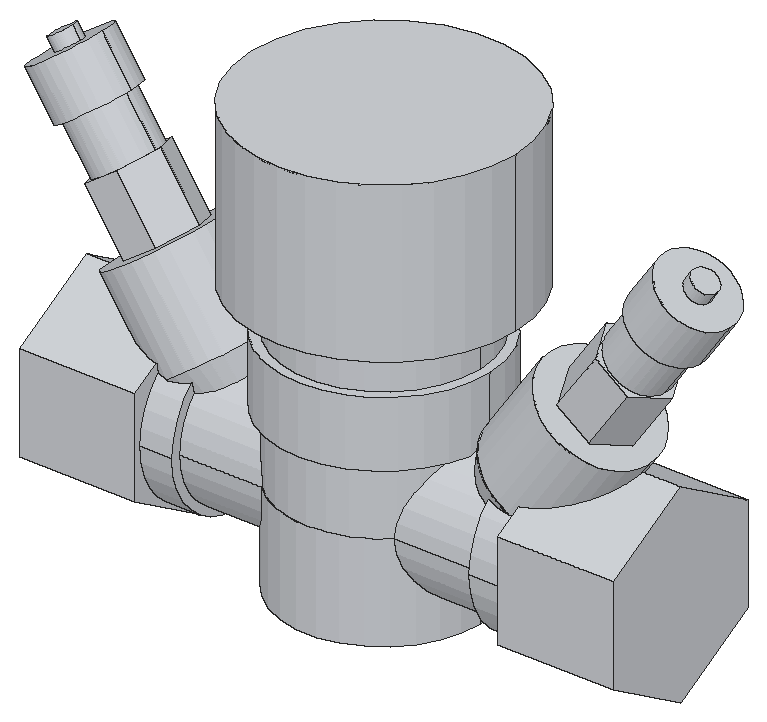
Revit family "D9525-DN20-RFA2019", category Pipe Accessories, Revit 2019
Family settings
  Round Connector Dimension = Use Diameter
  Part Type = Valve - Breaks Into
  Work Plane-Based = No
  Always vertical = Yes
  Cut with Voids When Loaded = No
  Shared = No
Parameters (values of type "9525 DN20")
  magiProductId = "da587af331304b45b3ec03b8fa0f34"
  magiProductFamilyId = "ec630ab62332464eb6277f46734e39"
  magiPartTypeId = 304
  isMeasuringValve [instance] = no
  ang2D [instance] = 0.00°
  ZZ = 11.213 mm
  ZN = 2 mm
  ZB1 = 12.667 mm
  ZB = 14.667 mm
  Z11 = 7 mm
  Z1 = 10 mm
  X0 = 18 mm
  W2D = 20 mm
  VersionID = "2.0/2019.5.23.1/VIR_9525_201"
  VIS0 = no
  V22 = 15.7 mm
  V2 = 17.8 mm
  V = 40 mm
  Use Minimum Symbol Size [instance] = no
  URL = "www.hydronix.cz"
  Type Comments = "závitový; PN10 (-10~+120°C) nebo PN20 (-10~+80°C)"
  RT = 2 mm
  RN = 14.667 mm
  R9 = 5 mm
  R8 = 6 mm
  R3 = 12 mm
  R2 = 10.667 mm
  R11 = 4.5 mm
  R1 = 9 mm
  R = 10 mm
  QmdConnectorList = "301;D;302;D"
  Productdata [instance] = ""
  Manufacturer = "Hydronix"
  MC Product Code = "9525 020 (D9525 DN20; kvs=3,47)"
  MC Piping Given Pressure Drop [instance] = 0.0 Pa
  MC Enable LOD 350 = no
  MC Enable LOD 200 = no
  MC Constant Outlet Pressure [instance] = 0.0 Pa
  L_2 = 45 mm
  LLDONLY = not(BBVIS)  # yes
  LLDAndHLD = and(or(LLDONLY, MC Enable LOD 350), not(BBVIS))  # yes
  LC = 9.8 mm
  L3 = 22.5 mm
  L2__ve = -L2  # -5 mm
  L2D_Min = 30.48 mm
  L2D = 90 mm
  L2 = 5 mm
  L1__ve = -L1  # -17.5 mm
  L1 = 17.5 mm
  L = 90 mm
  I4 = 29.585 mm
  I3 = 47.585 mm
  I2 = 52.5 mm
  I = 105 mm
  HBTR = 7.737 mm
  HBT3 = 7.737 mm
  HBT2 = 10.316 mm
  HBT11 = 14.577 mm
  HBT1 = 25.79 mm
  HBT = 51.58 mm
  HB = 51 mm
  ENBL350 = and(MC Enable LOD 350, not(BBVIS))  # no
  Description = "Ruční vyvažovací a 2-cestný regulační ventil závitový; bronzový; DN20; kvs3,47"
  DB11 = 27.813 mm
  DB1 = 32.205 mm
  DB = 29.277 mm
  D = 20 mm
  CenSd_RN_6 = RN * cos(30.00°)  # 12.702 mm
  CenSd_R8_6 = R8 * cos(30.00°)  # 5.196 mm
  CAT0 = yes
  CAT = no
  BBVIS = MC Enable LOD 200  # no
Types (4, lengths in mm): name | magiProductId | ZZ | ZB1 | ZB | Z11 | Z1 | W2D | RN | R3 | R2 | R | MC Product Code | L_2 | L2D | L | I4 | I3 | I2 | I | HBTR | HBT3 | HBT2 | HBT11 | HBT1 | HBT | HB | Description | DB11 | DB1 | DB | D | CenSd_RN_6
  9525 DN15 NF | "38bc2a49e75f44a19550cf5c31e8d8" | 10.076 | 9 | 11 | 7 | 10 | 15 | 11 | 9 | 8 | 7.5 | "9525 015 (D9525 DN15NF; kvs=1,83)" | 41.5 | 83 | 83 | 26.585 | 44.585 | 49.5 | 99 | 6.952 | 6.952 | 9.27 | 13.099 | 23.175 | 46.35 | 51 | "Ruční vyvažovací a 2-cestný regulační ventil závitový; bronzový; DN15NF; kvs1,83" | 25.65 | 29.7 | 27 | 15 | 9.526
  9525 DN15 LF | "0f0d3c44fff84d33bcc3edb98b3d66" | 10.076 | 9 | 11 | 7 | 10 | 15 | 11 | 9 | 8 | 7.5 | "9525 014 (D9525 DN15LF; kvs=0,86)" | 41.5 | 83 | 83 | 26.585 | 44.585 | 49.5 | 99 | 6.952 | 6.952 | 9.27 | 13.099 | 23.175 | 46.35 | 51 | "Ruční vyvažovací a 2-cestný regulační ventil závitový; bronzový; DN15LF; kvs0,86" | 25.65 | 29.7 | 27 | 15 | 9.526
  9525 DN20 | "da587af331304b45b3ec03b8fa0f34" | 11.213 | 12.667 | 14.667 | 7 | 10 | 20 | 14.667 | 12 | 10.667 | 10 | "9525 020 (D9525 DN20; kvs=3,47)" | 45 | 90 | 90 | 29.585 | 47.585 | 52.5 | 105 | 7.737 | 7.737 | 10.316 | 14.577 | 25.79 | 51.58 | 51 | "Ruční vyvažovací a 2-cestný regulační ventil závitový; bronzový; DN20; kvs3,47" | 27.813 | 32.205 | 29.277 | 20 | 12.702
  9525 DN25 | "1f5bab54bc3c45cdac322ce9a95cfe" | 11.971 | 16.333 | 18.333 | 9.745 | 13.922 | 25 | 18.333 | 15 | 13.333 | 12.5 | "9525 025 (D9525 DN25; kvs=6,30)" | 49 | 98 | 98 | 31.585 | 49.585 | 54.5 | 109 | 8.26 | 8.26 | 11.013 | 15.562 | 27.533 | 55.067 | 71 | "Ruční vyvažovací a 2-cestný regulační ventil závitový; bronzový; DN25; kvs6,30" | 30.286 | 35.067 | 31.88 | 25 | 15.877
Reference planes
  plane 1 "Center (Front/Back)": y = 0
  plane 2 "XYPLANE": z = 0
  plane 3 "Center (Left/Right)": x = 0
  plane 4 "506": x = -2.2
  plane 5 "476": through (-589.932, 0, 439.368) normal (0.5736, 0, 0.8192)
  plane 6 "473": through (-638.796, 0, -420.997) normal (-0.5736, 0, 0.8192)
  plane 7 "470": z = -12.667
  plane 8 "442": x = 52.5
  plane 9 "441": x = -52.5
  plane 10 "440": y = 20
  plane 11 "439": y = -20
  plane 12 "438": z = -14.667
  plane 13 "436": through (-566.779, 0, 472.434) normal (0.5736, 0, 0.8192)
  plane 14 "435": through (-571.217, 0, 466.096) normal (0.5736, 0, 0.8192)
  plane 15 "434": through (-575.654, 0, 459.759) normal (0.5736, 0, 0.8192)
  plane 16 "433": through (-581.571, 0, 451.308) normal (0.5736, 0, 0.8192)
  plane 17 "422": through (-661.949, 0, -387.93) normal (-0.5736, 0, 0.8192)
  plane 18 "419": through (-657.511, 0, -394.268) normal (-0.5736, 0, 0.8192)
  plane 19 "416": through (-653.074, 0, -400.606) normal (-0.5736, 0, 0.8192)
  plane 20 "413": through (-647.157, 0, -409.056) normal (-0.5736, 0, 0.8192)
  plane 21 "400": z = 35.2
  plane 22 "397": z = 33.2
  plane 23 "396": z = 51
  plane 24 "395": z = 27
  plane 25 "394": x = -20
  plane 26 "393": x = -0.2
  plane 27 "390": z = 20
  plane 28 "387": z = 10
  plane 29 "369": x = -18
  plane 30 "368": x = 18
  plane 31 "364": z = -14.667
  plane 32 "356": y = 0
  plane 33 "355": through (-448.182, 0, 614.364) normal (0.8192, 0, 0.5736)
  plane 34 "353": through (-632.364, 0, -430.182) normal (-0.5736, 0, 0.8192)
  plane 35 "328": y = 0
  plane 36 "157": x = 22.5
  plane 37 "70": through (-596.364, 0, 430.182) normal (0.5736, 0, 0.8192)
  plane 38 "68": through (448.182, 0, 614.364) normal (0.8192, 0, -0.5736)
  plane 39 "21": x = -22.5
  plane 40 "20": x = 27.5
  plane 41 "19": x = -27.5
  plane 42 "13": x = 0
  plane 43 "11": x = 45
  plane 44 "10": x = -45
  plane 45 "9": y = 0
  plane 46 "8": z = 0
  plane 47 "340XY": through (-632.364, 0, -430.182) normal (-0.5736, 0, 0.8192)
  plane 48 "340XZ": y = 0
  plane 49 "340YZ": through (-448.182, 0, 614.364) normal (0.8192, 0, 0.5736)
  plane 50 "65XY": through (-596.364, 0, 430.182) normal (0.5736, 0, 0.8192)
  plane 51 "65XZ": y = 0
  plane 52 "65YZ": through (448.182, 0, 614.364) normal (0.8192, 0, -0.5736)
Forms (mm)
  Extrusion 1, solid, visible <- "LLDAndHLD"
    sketch origin (-581.571, 0, 451.308) x (0.819152, 0, -0.573576) y (0, 1, 0)
      loop
        line (756, 0) -> (753, 5.196) -> (747, 5.196) -> (744, 0) -> (747, -5.196) -> (753, -5.196) -> (756, 0)
    from 0 to 10.316 <- "HBT2"
  Extrusion 2, solid, visible <- "LLDAndHLD"
    sketch origin (-647.157, 0, -409.056) x (0.819152, 0, 0.573576) y (0, 1, 0)
      loop
        line (756, 0) -> (753, 5.196) -> (747, 5.196) -> (744, 0) -> (747, -5.196) -> (753, -5.196) -> (756, 0)
    from 0 to 10.316 <- "HBT2"
  Blend 3, solid, visible <- "LLDAndHLD"
    base sketch origin (-596.364, 0, 430.182) x (0.819152, 0, -0.573576) y (0, 1, 0)
      loop
        circle (750, 0) r 4.5
    top sketch origin (-596.364, 0, 430.182) x (0.819152, 0, -0.573576) y (0, 1, 0)
      loop
        circle (750, 0) r 9
    from 0 to 11.213
  Blend 4, solid, visible <- "LLDAndHLD"
    base sketch origin (-638.796, 0, -420.997) x (0.819152, 0, 0.573576) y (0, 1, 0)
      loop
        circle (750, 0) r 9
    top sketch origin (-638.796, 0, -420.997) x (0.819152, 0, 0.573576) y (0, 1, 0)
      loop
        circle (750, 0) r 4.5
    from 0 to -11.213
  Blend 5, solid, visible <- "ENBL350"
    base sketch origin (-750, 0, -12.667) x (1, 0, 0) y (0, 1, 0)
      loop
        circle (750, 0) r 14.639
    top sketch origin (-750, 0, -12.667) x (1, 0, 0) y (0, 1, 0)
      loop
        circle (750, 0) r 13.907
    from 0 to -2
  Extrusion 6, solid, visible <- "ENBL350"
    sketch origin (-750, 0, -12.667) x (1, 0, 0) y (0, 1, 0)
      loop
        circle (750, 0) r 14.639
    from 0 to 12.667 <- "ZB1"
  Blend 7, solid, visible <- "BBVIS"
    base sketch origin (-750, 0, -14.667) x (1, 0, 0) y (0, 1, 0)
      loop
        line (697.5, -20) -> (802.5, -20) -> (802.5, 20) -> (697.5, 20) -> (697.5, -20)
    top sketch origin (-750, 0, -14.667) x (1, 0, 0) y (0, 1, 0)
      loop
        line (697.5, -20) -> (802.5, -20) -> (802.5, 20) -> (697.5, 20) -> (697.5, -20)
    from 0 to 65.667
  Blend 8, solid, visible <- "LLDONLY"
    base sketch origin (-750, 0, 27) x (1, 0, 0) y (0, 1, 0)
      loop
        circle (750, 0) r 20
    top sketch origin (-750, 0, 27) x (1, 0, 0) y (0, 1, 0)
      loop
        circle (750, 0) r 20
    from 0 to 24
  Extrusion 9, solid, visible <- "LLDAndHLD"
    sketch origin (-589.932, 0, 439.368) x (0.819152, 0, -0.573576) y (0, 1, 0)
      loop
        circle (750, 0) r 9
    from 0 to 14.577 <- "HBT11"
  Extrusion 10, solid, visible <- "LLDAndHLD"
    sketch origin (-575.654, 0, 459.759) x (0.819152, 0, -0.573576) y (0, 1, 0)
      loop
        circle (750, 0) r 5
    from 0 to 7.737 <- "HBT3"
  Extrusion 11, solid, visible <- "LLDAndHLD"
    sketch origin (-571.217, 0, 466.096) x (0.819152, 0, -0.573576) y (0, 1, 0)
      loop
        circle (750, 0) r 6
    from 0 to 7.737 <- "HBTR"
  Extrusion 12, solid, visible <- "LLDAndHLD"
    sketch origin (-566.779, 0, 472.434) x (0.819152, 0, -0.573576) y (0, 1, 0)
      loop
        circle (750, 0) r 2
    from 0 to 2
  Extrusion 13, solid, visible <- "LLDAndHLD"
    sketch origin (-661.949, 0, -387.93) x (0.819152, 0, 0.573576) y (0, 1, 0)
      loop
        circle (750, 0) r 2
    from 0 to 2
  Extrusion 14, solid, visible <- "LLDAndHLD"
    sketch origin (-657.511, 0, -394.268) x (0.819152, 0, 0.573576) y (0, 1, 0)
      loop
        circle (750, 0) r 6
    from 0 to 7.737 <- "HBTR"
  Extrusion 15, solid, visible <- "LLDAndHLD"
    sketch origin (-653.074, 0, -400.606) x (0.819152, 0, 0.573576) y (0, 1, 0)
      loop
        circle (750, 0) r 5
    from 0 to 7.737 <- "HBT3"
  Extrusion 16, solid, visible <- "LLDAndHLD"
    sketch origin (-638.796, 0, -420.997) x (0.819152, 0, 0.573576) y (0, 1, 0)
      loop
        circle (750, 0) r 9
    from 0 to 14.577 <- "HBT11"
  Revolve 17, solid, visible <- "ENBL350"
    sketch origin (-0.2, 0, 27) x (0, 0, -1) y (1, 0, 0)
      loop
        line (0, 0) -> (-24, 0) -> (-24, -2) -> (-24, -4.1)
        arc (-24, -4.1) -> (-19.402, -15.202) -> (-8.3, -19.8) r 15.7
        line (-8.3, -19.8) -> (0, -19.8) -> (0, -2) -> (0, 0)
      axis (-24, 0.2) -> (0, 0.2)
    angle from 0 to -360
  Extrusion 18, solid, visible <- "LLDAndHLD"
    sketch origin (-750, 0, 20) x (1, 0, 0) y (0, 1, 0)
      loop
        circle (750, 0) r 14.639
    from 0 to 7 <- "Z11"
  Extrusion 19, solid, visible <- "LLDAndHLD"
    sketch origin (-750, 0, 10) x (1, 0, 0) y (0, 1, 0)
      loop
        circle (750, 0) r 16.102
    from 0 to 10 <- "Z1"
  Blend 20, solid, visible <- "LLDAndHLD"
    base sketch origin (-22.5, -750, 0) x (0, 1, 0) y (0, 0, 1)
      loop
        circle (750, 0) r 10.667
    top sketch origin (-22.5, -750, 0) x (0, 1, 0) y (0, 0, 1)
      loop
        circle (750, 0) r 10.667
    from 0 to 45
  Extrusion 21, solid, visible <- "LLDAndHLD"
    sketch origin (-750, 0, 0) x (1, 0, 0) y (0, 1, 0)
      loop
        circle (750, 0) r 14.639
    from 0 to 10 <- "Z1"
  Extrusion 22, solid, visible <- "LLDONLY"
    sketch origin (-750, 0, -14.667) x (1, 0, 0) y (0, 1, 0)
      loop
        circle (750, 0) r 14.639
    from 0 to 14.667 <- "ZB"
  Extrusion 23, solid, visible <- "LLDAndHLD"
    sketch origin (22.5, -750, 0) x (0, 1, 0) y (0, 0, 1)
      loop
        circle (750, 0) r 12
    from 0 to 5 <- "L2"
  Extrusion 24, solid, visible <- "LLDAndHLD"
    sketch origin (-22.5, -750, 0) x (0, 1, 0) y (0, 0, 1)
      loop
        circle (750, 0) r 12
    from 0 to -5 <- "L2__ve"
  Extrusion 25, solid, visible <- "LLDAndHLD"
    sketch origin (45, -750, 0) x (0, 1, 0) y (0, 0, 1)
      loop
        line (750, 14.667) -> (737.298, 7.333) -> (737.298, -7.333) -> (750, -14.667) -> (762.702, -7.333) -> (762.702, 7.333) -> (750, 14.667)
    from 0 to -17.5 <- "L1__ve"
  Extrusion 26, solid, visible <- "LLDAndHLD"
    sketch origin (-45, -750, 0) x (0, 1, 0) y (0, 0, 1)
      loop
        line (750, 14.667) -> (737.298, 7.333) -> (737.298, -7.333) -> (750, -14.667) -> (762.702, -7.333) -> (762.702, 7.333) -> (750, 14.667)
    from 0 to 17.5 <- "L1"
  Extrusion 27, solid, not visible
    sketch origin (45, -750, 0) x (0, 1, 0) y (0, 0, 1)
      loop
        circle (750, 0) r 10
    from 0 to -10
  Extrusion 28, solid, not visible
    sketch origin (-45, -750, 0) x (0, 1, 0) y (0, 0, 1)
      loop
        circle (750, 0) r 10
    from 0 to 10
Lines and regions (mm)
  reference lines, not visible
    curve 1: circle (2, 2, 0) r 1 normal (0, 0, 1)
  reference lines
    curve 2: line (32.793, 0, 21.126) -> (31.564, 2.598, 21.986)
    curve 3: line (32.793, 0, 21.126) -> (30.335, 0, 22.847)
    curve 4: line (32.793, 0, 21.126) -> (31.564, -2.598, 21.986)
    curve 5: line (-32.793, 0, 21.126) -> (-34.021, 2.598, 20.266)
    curve 6: line (-32.793, 0, 21.126) -> (-35.25, 0, 19.405)
    curve 7: line (-32.793, 0, 21.126) -> (-34.021, -2.598, 20.266)
    curve 8: line (45, 0, 0) -> (45, -4.763, -2.75)
    curve 9: line (45, 0, 0) -> (45, 0, -5.5)
    curve 10: line (45, 0, 0) -> (45, 4.763, -2.75)
    curve 11: line (-45, 0, 0) -> (-45, 4.763, -2.75)
    curve 12: line (-45, 0, 0) -> (-45, 0, -5.5)
    curve 13: line (-45, 0, 0) -> (-45, -4.763, -2.75)
Dimensions and locks
  plane 1 "Center (Front/Back)" to curve 1 = 2 mm
  locked: plane 26 "393" to plane 4 "506" at 2
  "ZZ": plane 37 "70" to plane 5 "476"
  "ZZ": plane 34 "353" to plane 6 "473"
  locked: plane 31 "364" to plane 7 "470" at 2
  "I2": plane 42 "13" to plane 8 "442"
  "I2": plane 42 "13" to plane 9 "441"
  "V": plane 11 "439" to plane 10 "440"
  locked: plane 45 "9" to plane 11 "439" at 20
  "RN": plane 46 "8" to plane 12 "438"
  "HBTR": plane 14 "435" to plane 13 "436"
  "HBT3": plane 15 "434" to plane 14 "435"
  "HBT2": plane 16 "433" to plane 15 "434"
  "HBT1": plane 37 "70" to plane 16 "433"
  "HBTR": plane 18 "419" to plane 17 "422"
  "HBT3": plane 19 "416" to plane 18 "419"
  "HBT2": plane 20 "413" to plane 19 "416"
  "HBT1": plane 34 "353" to plane 20 "413"
  "ZN": plane 22 "397" to plane 21 "400"
  "V2": plane 23 "396" to plane 22 "397"
  "HB": plane 2 "XYPLANE" to plane 23 "396"
  "Z11": plane 27 "390" to plane 24 "395"
  "V2": plane 4 "506" to plane 25 "394"
  locked: plane 42 "13" to plane 26 "393" at 0.2
  "Z1": plane 28 "387" to plane 27 "390"
  "Z1": plane 2 "XYPLANE" to plane 28 "387"
  "X0": plane 3 "Center (Left/Right)" to plane 29 "369"
  "X0": plane 3 "Center (Left/Right)" to plane 30 "368"
  "ZB": plane 2 "XYPLANE" to plane 31 "364"
  locked: plane 45 "9" to plane 32 "356"
  locked: plane 49 "340YZ" to plane 33 "355"
  locked: plane 47 "340XY" to plane 34 "353" at 0
  locked: plane 45 "9" to plane 35 "328"
  "L2": plane 40 "20" to plane 36 "157"
  locked: plane 50 "65XY" to plane 37 "70"
  locked: plane 52 "65YZ" to plane 38 "68"
  "L2": plane 41 "19" to plane 39 "21"
  "L1": plane 43 "11" to plane 40 "20"
  "L1": plane 44 "10" to plane 41 "19"
  locked: plane 3 "Center (Left/Right)" to plane 42 "13"
  "L_2": plane 3 "Center (Left/Right)" to plane 43 "11"
  "L_2": plane 3 "Center (Left/Right)" to plane 44 "10"
  locked: plane 1 "Center (Front/Back)" to plane 45 "9"
  locked: plane 2 "XYPLANE" to plane 46 "8"
  "CenSd_R8_6": curve 2 to Extrusion 1 sketch curve  (x2)
  "CenSd_R8_6": curve 3 to Extrusion 1 sketch curve  (x2)
  "CenSd_R8_6": curve 4 to Extrusion 1 sketch curve  (x2)
  Extrusion 1 sketch curve to Extrusion 1 sketch curve = 0 mm  (x12)
  "CenSd_R8_6": curve 5 to Extrusion 2 sketch curve  (x2)
  "CenSd_R8_6": curve 6 to Extrusion 2 sketch curve  (x2)
  "CenSd_R8_6": curve 7 to Extrusion 2 sketch curve  (x2)
  Extrusion 2 sketch curve to Extrusion 2 sketch curve = 0 mm  (x12)
  Blend 7 sketch curve to Blend 7 sketch curve = 0 mm  (x16)
  Revolve 17 sketch curve to Revolve 17 sketch curve = 0 mm  (x14)
  "CenSd_RN_6": curve 8 to Extrusion 25 sketch curve  (x2)
  "CenSd_RN_6": curve 9 to Extrusion 25 sketch curve  (x2)
  "CenSd_RN_6": curve 10 to Extrusion 25 sketch curve  (x2)
  Extrusion 25 sketch curve to Extrusion 25 sketch curve = 0 mm  (x12)
  "CenSd_RN_6": curve 11 to Extrusion 26 sketch curve  (x2)
  "CenSd_RN_6": curve 12 to Extrusion 26 sketch curve  (x2)
  "CenSd_RN_6": curve 13 to Extrusion 26 sketch curve  (x2)
  Extrusion 26 sketch curve to Extrusion 26 sketch curve = 0 mm  (x12)
  "R1": radius of Blend 3 sketch curve
  "R11": radius of Blend 3 sketch curve
  "R11": radius of Blend 4 sketch curve
  "R1": radius of Blend 4 sketch curve
  "DB11": diameter of Blend 5 sketch curve
  "DB": diameter of Blend 5 sketch curve
  "DB": diameter of Extrusion 6 sketch curve
  "V": diameter of Blend 8 sketch curve  (x2)
  "R1": radius of Extrusion 9 sketch curve
  "R9": radius of Extrusion 10 sketch curve
  "R8": radius of Extrusion 11 sketch curve
  "RT": radius of Extrusion 12 sketch curve
  "RT": radius of Extrusion 13 sketch curve
  "R8": radius of Extrusion 14 sketch curve
  "R9": radius of Extrusion 15 sketch curve
  "R1": radius of Extrusion 16 sketch curve
  "V22": radius of Revolve 17 sketch curve
  "DB": diameter of Extrusion 18 sketch curve
  "DB1": diameter of Extrusion 19 sketch curve
  "R2": radius of Blend 20 sketch curve  (x2)
  "DB": diameter of Extrusion 21 sketch curve
  "DB": diameter of Extrusion 22 sketch curve
  "R3": radius of Extrusion 23 sketch curve
  "R3": radius of Extrusion 24 sketch curve
  locked: curve 3 to curve 2 (angle 60.00°)
  locked: curve 4 to curve 3 (angle 60.00°)
  locked: curve 4 to curve 2 (angle 120.00°)
  locked: curve 6 to curve 5 (angle 60.00°)
  locked: curve 7 to curve 6 (angle 60.00°)
  locked: curve 7 to curve 5 (angle 120.00°)
  locked: curve 9 to curve 8 (angle 60.00°)
  locked: curve 10 to curve 9 (angle 60.00°)
  locked: curve 10 to curve 8 (angle 120.00°)
  locked: curve 12 to curve 11 (angle 60.00°)
  locked: curve 13 to curve 12 (angle 60.00°)
  locked: curve 13 to curve 11 (angle 120.00°)
  aligned and locked: level to plane 2 "XYPLANE"
  aligned and locked: curve 2 to plane 38 "68"
  aligned and locked: plane 35 "328" to curve 3
  aligned and locked: curve 5 to plane 33 "355"
  aligned and locked: plane 32 "356" to curve 6
  aligned and locked: plane 35 "328" to Blend 3 sketch curve  (x2)
  aligned and locked: Blend 3 sketch curve to plane 38 "68"  (x2)
  aligned and locked: plane 5 "476" to Blend 3
  aligned and locked: plane 32 "356" to Blend 4 sketch curve  (x2)
  aligned and locked: Blend 4 sketch curve to plane 33 "355"  (x2)
  aligned and locked: Blend 4 to plane 34 "353"
  aligned and locked: plane 42 "13" to Blend 5 sketch curve  (x2)
  aligned and locked: plane 45 "9" to Blend 5 sketch curve  (x2)
  aligned and locked: Blend 5 to plane 31 "364"
  aligned and locked: plane 42 "13" to Extrusion 6 sketch curve
  aligned and locked: plane 45 "9" to Extrusion 6 sketch curve
  aligned and locked: plane 9 "441" to Blend 7 sketch curve  (x4)
  aligned and locked: plane 11 "439" to Blend 7 sketch curve  (x4)
  aligned and locked: plane 10 "440" to Blend 7 sketch curve  (x4)
  aligned and locked: plane 8 "442" to Blend 7 sketch curve  (x4)
  aligned and locked: plane 23 "396" to Blend 7
  aligned and locked: plane 42 "13" to Blend 8 sketch curve  (x2)
  aligned and locked: plane 45 "9" to Blend 8 sketch curve  (x2)
  aligned and locked: plane 23 "396" to Blend 8
  aligned and locked: plane 35 "328" to Extrusion 9 sketch curve
  aligned and locked: Extrusion 9 sketch curve to plane 38 "68"
  aligned and locked: plane 35 "328" to Extrusion 10 sketch curve
  aligned and locked: Extrusion 10 sketch curve to plane 38 "68"
  aligned and locked: plane 35 "328" to Extrusion 11 sketch curve
  aligned and locked: Extrusion 11 sketch curve to plane 38 "68"
  aligned and locked: plane 35 "328" to Extrusion 12 sketch curve
  aligned and locked: Extrusion 12 sketch curve to plane 38 "68"
  aligned and locked: plane 32 "356" to Extrusion 13 sketch curve
  aligned and locked: Extrusion 13 sketch curve to plane 33 "355"
  aligned and locked: plane 32 "356" to Extrusion 14 sketch curve
  aligned and locked: Extrusion 14 sketch curve to plane 33 "355"
  aligned and locked: plane 32 "356" to Extrusion 15 sketch curve
  aligned and locked: Extrusion 15 sketch curve to plane 33 "355"
  aligned and locked: plane 32 "356" to Extrusion 16 sketch curve
  aligned and locked: Extrusion 16 sketch curve to plane 33 "355"
  aligned and locked: plane 26 "393" to Revolve 17 sketch curve  (x2)
  aligned and locked: plane 24 "395" to Revolve 17 sketch curve  (x3)
  aligned and locked: plane 23 "396" to Revolve 17 sketch curve  (x3)
  aligned and locked: plane 4 "506" to Revolve 17 sketch curve  (x2)
  aligned and locked: Revolve 17 sketch curve to plane 25 "394"
  aligned and locked: plane 25 "394" to Revolve 17 sketch curve
  aligned and locked: Revolve 17 sketch curve to plane 24 "395"
  aligned and locked: plane 42 "13" to Extrusion 18 sketch curve
  aligned and locked: plane 45 "9" to Extrusion 18 sketch curve
  aligned and locked: plane 42 "13" to Extrusion 19 sketch curve
  aligned and locked: plane 45 "9" to Extrusion 19 sketch curve
  aligned and locked: Blend 20 sketch curve to plane 45 "9"  (x2)
  aligned and locked: plane 46 "8" to Blend 20 sketch curve  (x2)
  aligned and locked: plane 36 "157" to Blend 20
  aligned and locked: plane 42 "13" to Extrusion 21 sketch curve
  aligned and locked: plane 45 "9" to Extrusion 21 sketch curve
  aligned and locked: plane 42 "13" to Extrusion 22 sketch curve
  aligned and locked: plane 45 "9" to Extrusion 22 sketch curve
  aligned and locked: Extrusion 23 sketch curve to plane 45 "9"
  aligned and locked: plane 46 "8" to Extrusion 23 sketch curve
  aligned and locked: Extrusion 24 sketch curve to plane 45 "9"
  aligned and locked: plane 46 "8" to Extrusion 24 sketch curve
  aligned and locked: curve 10 to plane 45 "9"
  aligned and locked: plane 46 "8" to curve 10
  aligned and locked: curve 13 to plane 45 "9"
  aligned and locked: plane 46 "8" to curve 13
  aligned and locked: Extrusion 27 sketch curve to plane 45 "9"
  aligned and locked: plane 46 "8" to Extrusion 27 sketch curve
  aligned and locked: Extrusion 28 sketch curve to plane 45 "9"
  aligned and locked: plane 46 "8" to Extrusion 28 sketch curve
  aligned and locked: plane 42 "13" to nested 1
  aligned and locked: plane 45 "9" to nested 1
Automatic sketch dimensions
  plane 1 "Center (Front/Back)" to Extrusion 27 sketch curve = 10 mm
  plane 1 "Center (Front/Back)" to Extrusion 28 sketch curve = 10 mm
  plane 3 "Center (Left/Right)" to curve 1 = 2 mm
  Revolve 17 sketch curve to plane 3 "Center (Left/Right)" = 0 mm
  radius of curve 1 = 1 mm
Nested families
  nested 1: "2_RadialArray" at (0, 0, 35.2), LC <- "LC", type "Family21"
    with X 11 mm, StartAngle 90.00°, SW 5 mm, SH 13 mm, NumberOfObjects 6, ModelLinesVisible no, LC 9.8 mm, ArcAngle 360.00°
Connectors
  piping at (-45, 0, 0), diameter 20, driven by "D"
    settings: on Extrusion 28, index 1, connector inside diameter 609.6 mm, connector length 0 mm, flow factor 0, pipe flow 0.0 L/s, pressure drop 0.0 Pa, fitting loss kfactor 0, connector angle 0.00°, fixture units 0, engagement length 0 mm, angle of deflection 0.00°, flow configuration 0, flow direction 0, fitting loss method 0, system type 29, joint type 0, gender type 0, connector reference index 2, connector utility 0, adjustable connector no, is connector primary yes, connector description ""
  piping at (45, 0, 0), diameter 20, driven by "D"
    settings: on Extrusion 27, index 2, connector inside diameter 609.6 mm, connector length 0 mm, flow factor 0, pipe flow 0.0 L/s, pressure drop 0.0 Pa, fitting loss kfactor 0, connector angle 0.00°, fixture units 0, engagement length 0 mm, angle of deflection 0.00°, flow configuration 0, flow direction 0, fitting loss method 0, system type 29, joint type 0, gender type 0, connector reference index 1, connector utility 0, adjustable connector no, is connector primary no, connector description ""
